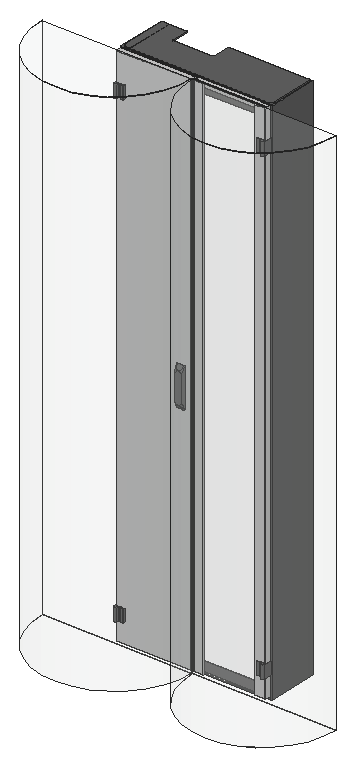
Revit family "Data_Device-Network-Leviton-Distribution_Frame-HDX_F3168-FDR", category Data Devices, host Face, Revit 2025
Family settings
  Host = Face
  Round Connector Dimension = Use Diameter
  Part Type = Normal
  OmniClass Number = 23.85.50.17
  OmniClass Title = Communication and Data Processing Equipment
  Cut with Voids When Loaded = No
  Maintain Annotation Orientation = Yes
  Shared = Yes
  Room Calculation Point = No
Parameters (values of type "F3168-FDR")
  z Door Kit Visible [instance] = Optional Door Kit  # yes
  z Connector Detail Visible [instance] = not(z Door Kit Visible)  # no
  z Collapse [instance] = not(Optional Door Kit)  # no
  Width [instance] = 23.89"  # constant formula
  Weight [instance] = 0.00 lbf
  URL = "http://www.leviton.com/networksolutions"
  UPC Code [instance] = "078477660805"
  Type Comments = ""
  Technical Support Phone Number = "1-800-824-3005"  # constant formula
  Serial Number [instance] = ""
  Provide Feedback = "http://www.leviton.com/BIMfeedback"
  Product Documentation Link = "https://leviton.com/products/f3168-fdr"
  Product Configurator Link = ""
  Port Count [instance] = 0
  Part Number [instance] = "F3168-FDR"  # constant formula
  Part Description = Description  # "HDX Frame Front Door Kit"
  Original Creation Date = "2025"  # constant formula
  Optional Door Kit [instance] = yes
  Model Disclaimer = "https://leviton.com/support/resources/product-support/network-solutions/bim-objects/bim-library"
  Model = "F3168-FDR"  # constant formula
  Manufacturer = "Leviton"  # constant formula
  Height [instance] = 84.1"  # constant formula
  Fiber Type [instance] = ""
  Family Version = "1.0"  # constant formula
  Equipment Type = ""
  Equipment Abbreviation = "HDX"  # constant formula
  Description = "HDX Frame Front Door Kit"  # constant formula
  Depth [instance] = 9.87"  # constant formula
  Default Elevation = 0"
  Date Last Modified = "2025"  # constant formula
  Copyright = "Copyright © 2025 Leviton Manufacturing Co., Inc."  # constant formula
  Check for Latest Version = "https://leviton.com/support/resources/product-support/network-solutions/bim-objects/bim-library"
  Channel Count [instance] = 0
  Assembly Code = "D5030600"
  Annotation Symbol is Visible = yes
Reference planes (in)
  plane 1 "Door Kit Front": y = 6.0725
  plane 2 "Floor": z = 0
  plane 3 "Center (Left/Right)": x = -0.9065
  plane 4: y = -2.95113
  plane 5: x = -12.8515
  plane 6: x = 11.0385
  plane 7: z = 84.1
  plane 8: y = -1.82291
  plane 9: z = 81.93792
Forms (in)
  Extrusion 1, solid, not visible, detail levels fine
    sketch origin (0, 0, 0) x (1, 0, 0) y (0, 1, 0)
      loop
        line (-34.9315, 46.0725) -> (-34.9315, -16.15111) -> (33.4524, -16.15111) -> (33.4524, 46.0725) -> (-34.9315, 46.0725)
    from 0 to -7.88728
  Extrusion 2, solid, material "Steel - Leviton - Powdercoat - Black"
    sketch origin (0, 0, 0) x (1, 0, 0) y (0, 1, 0)
      loop
        line (10.9339, -1.8229) -> (9.53475, -1.8229) -> (9.53475, -1.9275) -> (10.9235, -1.9275)
        arc (10.9235, -1.9275) -> (11.00482, -1.89382) -> (11.0385, -1.8125) r 0.115
        line (11.0385, -1.8125) -> (11.0385, 6.0725) -> (10.9339, 6.0725) -> (10.9339, -1.8229)
      loop
        line (-12.7469, -1.82291) -> (-12.7469, 6.0725) -> (-12.8515, 6.0725) -> (-12.8515, -1.81251)
        arc (-12.8515, -1.81251) -> (-12.81782, -1.89382) -> (-12.7365, -1.92751) r 0.115
        line (-12.7365, -1.92751) -> (-11.3515, -1.92751) -> (-11.3515, -1.82291) -> (-12.7469, -1.82291)
    from 0 to 83.99688
  Extrusion 3, solid, material "Steel - Leviton - Powdercoat - Black"
    sketch origin (0, 0, 84.18) x (-1, 0, 0) y (0, -1, 0)
      loop
        line (-10.3435, -6.0725) -> (1.9565, -6.0725)
        arc (1.9565, -6.0725) -> (2.09792, -6.01392) -> (2.1565, -5.8725) r 0.2
        line (2.1565, -5.8725) -> (2.1565, -3.27271)
        arc (2.1565, -3.27271) -> (2.21508, -3.13129) -> (2.3565, -3.07271) r 0.2
        line (2.3565, -3.07271) -> (8.45613, -3.07241)
        arc (8.45613, -3.07241) -> (8.59778, -3.13116) -> (8.65627, -3.27293) r 0.20014
        line (8.65627, -3.27293) -> (8.65627, -5.8725)
        arc (8.65627, -5.8725) -> (8.71508, -6.01392) -> (8.8565, -6.0725) r 0.2
        line (8.8565, -6.0725) -> (12.15645, -6.0725)
        arc (12.15645, -6.0725) -> (12.50997, -5.92559) -> (12.65641, -5.57207) r 0.49995
        line (12.65641, -5.57207) -> (12.65641, 1.17699)
        arc (12.65641, 1.17699) -> (12.5101, 1.53091) -> (12.15632, 1.67755) r 0.50009
        line (12.15632, 1.67755) -> (-10.3435, 1.67755)
        arc (-10.3435, 1.67755) -> (-10.69705, 1.53091) -> (-10.8435, 1.17735) r 0.5
        line (-10.8435, 1.17735) -> (-10.8435, -5.57232)
        arc (-10.8435, -5.57232) -> (-10.69711, -5.92599) -> (-10.3435, -6.0725) r 0.5
    from -0.08 to -0.18312
  Extrusion 4, solid, material "Plastic - Leviton - Black"
    sketch origin (-1.783, 17.14499, 84.18) x (1, 0, 0) y (0, 1, 0)
      loop
        line (11.36893, -20.07644) -> (11.36893, -20.19455) -> (11.44767, -20.27329) -> (11.82759, -20.27329) -> (11.92011, -20.18077) -> (12.17602, -20.18077) -> (12.28626, -20.291) -> (12.28626, -20.50294)
        arc (12.28626, -20.50294) -> (12.54298, -20.68519) -> (12.75279, -20.45045) r 0.23622
        line (12.75279, -20.45045) -> (12.75279, -19.0725) -> (11.38271, -19.0725) -> (11.38271, -19.11187)
        arc (11.38271, -19.11187) -> (11.42884, -19.22323) -> (11.54019, -19.26935) r 0.15748
        line (11.54019, -19.26935) -> (12.62878, -19.26935) -> (12.62878, -19.95144)
        arc (12.62878, -19.95144) -> (12.59216, -20.03983) -> (12.50378, -20.07644) r 0.125
        line (12.50378, -20.07644) -> (11.36893, -20.07644)
      loop
        line (-9.61515, -20.09612) -> (-10.75, -20.09612)
        arc (-10.75, -20.09612) -> (-10.83838, -20.05951) -> (-10.875, -19.97112) r 0.125
        line (-10.875, -19.97112) -> (-10.875, -19.26935) -> (-9.78641, -19.26935)
        arc (-9.78641, -19.26935) -> (-9.67506, -19.22323) -> (-9.62893, -19.11187) r 0.15748
        line (-9.62893, -19.11187) -> (-9.62893, -19.0725) -> (-10.99901, -19.0725) -> (-10.99901, -20.45045)
        arc (-10.99901, -20.45045) -> (-10.7892, -20.68519) -> (-10.53248, -20.50294) r 0.23622
        line (-10.53248, -20.50294) -> (-10.53248, -20.31069) -> (-10.42224, -20.20045) -> (-10.16633, -20.20045) -> (-10.07382, -20.29297) -> (-9.69389, -20.29297) -> (-9.61515, -20.21423) -> (-9.61515, -20.09612)
    from -4.69181 to -6.65638
  Extrusion 5, solid, material "Plastic - Leviton - Black"
    sketch origin (-1.783, 17.14499, 84.18) x (1, 0, 0) y (0, 1, 0)
      loop
        line (11.36893, -20.07644) -> (11.36893, -20.19455) -> (11.44767, -20.27329) -> (11.82759, -20.27329) -> (11.92011, -20.18077) -> (12.17602, -20.18077) -> (12.28626, -20.291) -> (12.28626, -20.50294)
        arc (12.28626, -20.50294) -> (12.54298, -20.68519) -> (12.75279, -20.45045) r 0.23622
        line (12.75279, -20.45045) -> (12.75279, -19.0725) -> (11.38271, -19.0725) -> (11.38271, -19.11187)
        arc (11.38271, -19.11187) -> (11.42884, -19.22323) -> (11.54019, -19.26935) r 0.15748
        line (11.54019, -19.26935) -> (12.62878, -19.26935) -> (12.62878, -19.95144)
        arc (12.62878, -19.95144) -> (12.59216, -20.03983) -> (12.50378, -20.07644) r 0.125
        line (12.50378, -20.07644) -> (11.36893, -20.07644)
      loop
        line (-9.61515, -20.09612) -> (-10.75, -20.09612)
        arc (-10.75, -20.09612) -> (-10.83838, -20.05951) -> (-10.875, -19.97112) r 0.125
        line (-10.875, -19.97112) -> (-10.875, -19.26935) -> (-9.78641, -19.26935)
        arc (-9.78641, -19.26935) -> (-9.67506, -19.22323) -> (-9.62893, -19.11187) r 0.15748
        line (-9.62893, -19.11187) -> (-9.62893, -19.0725) -> (-10.99901, -19.0725) -> (-10.99901, -20.45045)
        arc (-10.99901, -20.45045) -> (-10.7892, -20.68519) -> (-10.53248, -20.50294) r 0.23622
        line (-10.53248, -20.50294) -> (-10.53248, -20.31069) -> (-10.42224, -20.20045) -> (-10.16633, -20.20045) -> (-10.07382, -20.29297) -> (-9.69389, -20.29297) -> (-9.61515, -20.21423) -> (-9.61515, -20.09612)
    from -78.67606 to -80.64063
  Extrusion 6, solid, material "Steel - Leviton - Powdercoat - Grey"
    sketch origin (-1.813, 17.14499, 84.18) x (1, 0, 0) y (0, 1, 0)
      loop
        line (1.055, -19.29612) -> (-10.845, -19.29612) -> (-10.845, -19.97112)
        arc (-10.845, -19.97112) -> (-10.80838, -20.05951) -> (-10.72, -20.09612) r 0.125
        line (-10.72, -20.09612) -> (0.93, -20.09612)
        arc (0.93, -20.09612) -> (1.01839, -20.05951) -> (1.055, -19.97112) r 0.125
        line (1.055, -19.97112) -> (1.055, -19.29612)
    from -83.69575 to -0.18394
  Blend 7, solid, material "Plastic - Leviton - Black"
    base sketch origin (-1.783, -7.95112, 0) x (0, 0, 1) y (-1, 0, 0)
      loop
        line (36.94518, 0.01133) -> (43.08663, 0.01133)
        arc (43.08663, 0.01133) -> (43.14231, 0.03439) -> (43.16538, 0.09008) r 0.07875
        line (43.16538, 0.09008) -> (43.16538, 1.34993)
        arc (43.16538, 1.34993) -> (43.14232, 1.4056) -> (43.08665, 1.42866) r 0.07872
        line (43.08665, 1.42866) -> (36.94493, 1.42866)
        arc (36.94493, 1.42866) -> (36.88924, 1.40559) -> (36.86618, 1.34991) r 0.07875
        line (36.86618, 1.34991) -> (36.86618, 0.09033)
        arc (36.86618, 0.09033) -> (36.88931, 0.03447) -> (36.94518, 0.01133) r 0.079
    top sketch origin (-1.783, -7.95112, 0) x (0, 0, 1) y (-1, 0, 0)
      loop
        arc (37.9685, 1.23181) -> (37.71072, 1.16215) -> (37.52311, 0.97213) r 0.51181
        arc (37.52311, 0.97213) -> (37.45669, 0.72) -> (37.52311, 0.46786) r 0.51181
        arc (37.52311, 0.46786) -> (37.71072, 0.27784) -> (37.9685, 0.20818) r 0.51181
        line (37.9685, 0.20818) -> (41.98425, 0.20818)
        arc (41.98425, 0.20818) -> (42.24204, 0.27784) -> (42.42965, 0.46786) r 0.51181
        arc (42.42965, 0.46786) -> (42.49606, 0.72) -> (42.42965, 0.97213) r 0.51181
        arc (42.42965, 0.97213) -> (42.24204, 1.16215) -> (41.98425, 1.23181) r 0.51181
        line (41.98425, 1.23181) -> (37.9685, 1.23181)
    from -4.99999 to -4.53543
  Extrusion 8, solid, material "Steel - Leviton - Powdercoat - Grey"
    sketch origin (0, 0, 84.18) x (-1, 0, 0) y (0, -1, 0)
      loop
        line (1.29004, 2.08144) -> (0.66319, 2.08144)
        arc (0.66319, 2.08144) -> (0.62212, 2.09804) -> (0.60504, 2.13892) r 0.05748
        line (0.60504, 2.13892) -> (0.60504, 2.80877)
        arc (0.60504, 2.80877) -> (0.56924, 2.8955) -> (0.48256, 2.93144) r 0.12248
        line (0.48256, 2.93144) -> (-1.01744, 2.93144) -> (-1.01744, 2.86644) -> (0.48256, 2.86644)
        arc (0.48256, 2.86644) -> (0.52321, 2.8496) -> (0.54007, 2.80896) r 0.05748
        line (0.54007, 2.80896) -> (0.54007, 2.13882)
        arc (0.54007, 2.13882) -> (0.57618, 2.05199) -> (0.66321, 2.01638) r 0.12244
        line (0.66321, 2.01638) -> (1.29004, 2.01638) -> (1.29004, 2.08144)
      loop
        line (-10.69496, 2.86644) -> (-9.21744, 2.86644) -> (-9.21744, 2.93144) -> (-10.69496, 2.93144)
        arc (-10.69496, 2.93144) -> (-10.7816, 2.89553) -> (-10.81744, 2.80885) r 0.12248
        line (-10.81744, 2.80885) -> (-10.81744, 2.12436) -> (-10.75244, 2.12436) -> (-10.75244, 2.80896)
        arc (-10.75244, 2.80896) -> (-10.7356, 2.8496) -> (-10.69496, 2.86644) r 0.05748
    from -0.18394 to -83.69575
  Extrusion 9, solid, material "Plastic - Leviton - Clear"
    sketch origin (0, 0, 84.18) x (-1, 0, 0) y (0, -1, 0)
      loop
        line (0.48256, 2.61644) -> (0.48256, 2.86644) -> (-10.71744, 2.86644) -> (-10.71744, 2.61644) -> (0.48256, 2.61644)
    from -0.18394 to -83.69575
  Extrusion 10, solid, material "Steel - Leviton - Powdercoat - Black"
    sketch origin (0, 20.09612, 0) x (0, 0, 1) y (1, 0, 0)
      loop
        line (83.89228, 9.7885) -> (83.99688, 9.7885) -> (83.99688, 10.9339) -> (83.89228, 10.9339) -> (83.89228, 9.7885)
      loop
        line (83.89228, -11.6015) -> (83.89228, -12.7469) -> (83.99688, -12.7469) -> (83.99688, -11.6015) -> (83.89228, -11.6015)
    from -21.91903 to -14.02362
  Extrusion 11, solid, material "Steel - Leviton - Powdercoat - Black"
    sketch origin (0, 20.09612, 0) x (0, 0, 1) y (1, 0, 0)
      loop
        line (83.83688, 10.81744) -> (82.23688, 10.81744) -> (82.23688, 9.4685) -> (81.9348, 9.4685) -> (81.9348, -0.0315) -> (82.23688, -0.0315) -> (82.23688, -1.7815) -> (81.9348, -1.7815) -> (81.9348, -11.2815) -> (82.23688, -11.2815) -> (82.23688, -12.6315) -> (83.83688, -12.6315) -> (83.83688, 10.81744)
      loop
        line (1.67188, -12.6315) -> (1.67188, 10.81744) -> (0.22188, 10.81744) -> (0.22188, -12.6315) -> (1.67188, -12.6315)
    from -21.91903 to -21.81403
  Extrusion 12, solid, material "Steel - Leviton - Powdercoat - Grey"
    sketch origin (-0.9065, 0, 0) x (0, 1, 0) y (0, 0, 1)
      loop
        line (-2.61644, 83.99606) -> (-2.61644, 83.89106) -> (-2.12138, 83.89106) -> (-2.12138, 82.99606) -> (-2.01638, 82.99606) -> (-2.01638, 83.99606) -> (-2.61644, 83.99606)
    from 0.36643 to 11.65894
  Extrusion 13, solid, material "Clearance Areas - Leviton"
    sketch origin (0, 0, 84.18) x (-1, 0, 0) y (0, -1, 0)
      loop
        arc (24.33359, 2.95113) -> (12.54579, 15.09858) -> (0.758, 2.95113) r 11.79312
        line (0.758, 2.95113) -> (24.33359, 2.95113)
      loop
        arc (0.60504, 2.95113) -> (-10.73357, 14.64961) -> (-22.07219, 2.95113) r 11.34415
        line (-22.07219, 2.95113) -> (0.60504, 2.95113)
    from -0.08 to -84.18
Cuts and joins
  joined: Extrusion 2, Extrusion 10
Lines and regions (in)
  Masking region 1, visible <- "z Door Kit Visible"
    outline origin (11.0685, 0, 0) x (0, 0, 1) y (0, -1, 0)
      loop
        line (0, -5.49195) -> (0, -6.0725) -> (84.1, -6.0725) -> (84.1, -5.49195) -> (0, -5.49195)
  symbolic lines, style "Clearance Areas"
    curve 1: line (-0.9065, -2.95113, 84.1) -> (-0.9065, -15.09858, 84.1)
    curve 2: line (-0.9065, -2.95113, 0) -> (-0.9065, -2.95113, 84.1)
    curve 3: line (-0.9065, -15.09858, 0) -> (-0.9065, -2.95113, 0)
    curve 4: line (-0.9065, -15.09858, 84.1) -> (-0.9065, -15.09858, 0)
    curve 5: line (-0.758, -2.95113, 84.18) -> (-24.33359, -2.95113, 84.18)
    curve 6: arc (-24.33359, -2.95113, 84.18) -> (-12.54579, -15.09858, 84.18) -> (-0.758, -2.95113, 84.18) r 11.79312
    curve 7: line (22.07219, -2.95113, 84.18) -> (-0.60504, -2.95113, 84.18)
    curve 8: arc (-0.60504, -2.95113, 84.18) -> (10.73357, -14.64961, 84.18) -> (22.07219, -2.95113, 84.18) r 11.34415
Dimensions and locks (in)
  equal spacing: plane 5, plane 3 "Center (Left/Right)", plane 6
  "Width": plane 5 to plane 6
  "Height": level to plane 7
  locked: plane 4 to plane 1 "Door Kit Front" at 9.02363
  locked: plane 8 to plane 4 at 1.12822
  aligned and locked: Extrusion 1 to plane 2 "Floor"
  aligned and locked: Extrusion 1 to level
Automatic sketch dimensions
  Extrusion 1 sketch curve to Extrusion 1 sketch curve = 68.3839"
  Extrusion 1 sketch curve to Extrusion 1 sketch curve = 62.22361"
  Masking region 1 sketch curve to level = 0"
  Masking region 1 sketch curve to plane 1 "Door Kit Front" = 0"
  plane 7 to Masking region 1 sketch curve = 0"
  plane 1 "Door Kit Front" to Masking region 1 sketch curve = 0.58055"
  Extrusion 2 sketch curve to plane 5 = 0"
  plane 1 "Door Kit Front" to Extrusion 2 sketch curve = 0"  (x2)
  Extrusion 2 sketch curve to plane 8 = 0"
  Extrusion 2 sketch curve to plane 6 = 0"
  plane 5 to Extrusion 2 sketch curve = 0.1046"
  Extrusion 2 sketch curve to Extrusion 2 sketch curve = 0.0104"  (x2)
  Extrusion 2 sketch curve to plane 8 = 0.1046"
  Extrusion 2 sketch curve to Extrusion 2 sketch curve = 1.385"
  plane 8 to Extrusion 2 sketch curve = 0"
  Extrusion 2 sketch curve to plane 6 = 1.50375"
  plane 8 to Extrusion 2 sketch curve = 0.0104"
  Extrusion 2 sketch curve to plane 6 = 0.115"
  plane 1 "Door Kit Front" to Extrusion 3 sketch curve = 0"  (x2)
  Extrusion 3 sketch curve to plane 6 = 0.195"
  Extrusion 3 sketch curve to Extrusion 3 sketch curve = 0.5"  (x3)
  plane 1 "Door Kit Front" to Extrusion 3 sketch curve = 0.2"
  Extrusion 3 sketch curve to plane 3 "Center (Left/Right)" = 1.05"
  Extrusion 3 sketch curve to plane 3 "Center (Left/Right)" = 1.25"
  Extrusion 3 sketch curve to Extrusion 3 sketch curve = 0.2"  (x2)
  plane 1 "Door Kit Front" to Extrusion 3 sketch curve = 2.79994"
  plane 5 to Extrusion 3 sketch curve = 4.39537"
  Extrusion 3 sketch curve to Extrusion 3 sketch curve = 0.20014"
  Extrusion 3 sketch curve to Extrusion 3 sketch curve = 0.20023"
  plane 5 to Extrusion 3 sketch curve = 0.69518"
  plane 5 to Extrusion 3 sketch curve = 0.69505"
  plane 5 to Extrusion 3 sketch curve = 0.19509"
  Extrusion 3 sketch curve to Extrusion 3 sketch curve = 0.00017"
  Extrusion 3 sketch curve to Extrusion 3 sketch curve = 0.50043"
  Extrusion 3 sketch curve to Extrusion 3 sketch curve = 0.00037"
  Extrusion 3 sketch curve to Extrusion 3 sketch curve = 0.2003"
  plane 8 to Extrusion 3 sketch curve = 0.64592"
  plane 8 to Extrusion 3 sketch curve = 0.64555"
  Extrusion 3 sketch curve to Extrusion 3 sketch curve = 0.00048"
  Extrusion 3 sketch curve to Extrusion 3 sketch curve = 0"  (x9)
  Extrusion 3 sketch curve to Extrusion 3 sketch curve = 0.00023"
  Extrusion 4 sketch curve to plane 4 = 0"
  plane 5 to Extrusion 4 sketch curve = 0.06949"
  plane 5 to Extrusion 4 sketch curve = 0.1935"
  Extrusion 4 sketch curve to Extrusion 4 sketch curve = 0.23622"
  Extrusion 4 sketch curve to Extrusion 4 sketch curve = 0.125"  (x2)
  Extrusion 4 sketch curve to plane 4 = 0.21457"
  Extrusion 4 sketch curve to Extrusion 4 sketch curve = 0.23031"  (x2)
  Extrusion 4 sketch curve to plane 4 = 0.10433"
  Extrusion 4 sketch curve to Extrusion 4 sketch curve = 0.11024"  (x3)
  Extrusion 4 sketch curve to Extrusion 4 sketch curve = 0.25591"  (x2)
  Extrusion 4 sketch curve to plane 4 = 0.19685"
  Extrusion 4 sketch curve to Extrusion 4 sketch curve = 0.09252"  (x2)
  Extrusion 4 sketch curve to plane 8 = 0.30145"
  Extrusion 4 sketch curve to Extrusion 4 sketch curve = 0.37992"  (x3)
  Extrusion 4 sketch curve to Extrusion 4 sketch curve = 0.15748"  (x2)
  Extrusion 4 sketch curve to Extrusion 4 sketch curve = 0.07874"  (x3)
  Extrusion 4 sketch curve to plane 4 = 0.09843"
  Extrusion 4 sketch curve to plane 6 = 1.45257"
  Extrusion 4 sketch curve to plane 8 = 0.1046"  (x2)
  Extrusion 4 sketch curve to Extrusion 4 sketch curve = 0.01378"
  Extrusion 4 sketch curve to plane 4 = 0.17717"
  Extrusion 4 sketch curve to plane 4 = 0.08465"
  plane 4 to Extrusion 4 sketch curve = 0.01968"
  Extrusion 4 sketch curve to Extrusion 4 sketch curve = 0.21752"
  Extrusion 4 sketch curve to plane 6 = 0.06871"
  Extrusion 4 sketch curve to plane 4 = 0.35433"
  Extrusion 4 sketch curve to Extrusion 4 sketch curve = 0.13976"
  Extrusion 4 sketch curve to Extrusion 4 sketch curve = 0.19225"
  Extrusion 4 sketch curve to Extrusion 4 sketch curve = 0.05249"
  Extrusion 4 sketch curve to Extrusion 4 sketch curve = 0.19685"
  Extrusion 4 sketch curve to plane 8 = 0.14397"  (x2)
  Extrusion 4 sketch curve to Extrusion 4 sketch curve = 0"  (x4)
  Extrusion 5 sketch curve to plane 4 = 0"
  plane 5 to Extrusion 5 sketch curve = 0.06949"
  plane 5 to Extrusion 5 sketch curve = 0.1935"
  Extrusion 5 sketch curve to Extrusion 5 sketch curve = 0.23622"
  Extrusion 5 sketch curve to Extrusion 5 sketch curve = 0.125"  (x2)
  Extrusion 5 sketch curve to plane 4 = 0.21457"
  Extrusion 5 sketch curve to Extrusion 5 sketch curve = 0.23031"  (x2)
  Extrusion 5 sketch curve to plane 4 = 0.10433"
  Extrusion 5 sketch curve to Extrusion 5 sketch curve = 0.11024"  (x3)
  Extrusion 5 sketch curve to Extrusion 5 sketch curve = 0.25591"  (x2)
  Extrusion 5 sketch curve to plane 4 = 0.19685"
  Extrusion 5 sketch curve to Extrusion 5 sketch curve = 0.09252"  (x2)
  Extrusion 5 sketch curve to plane 8 = 0.30145"
  Extrusion 5 sketch curve to Extrusion 5 sketch curve = 0.37992"  (x3)
  Extrusion 5 sketch curve to Extrusion 5 sketch curve = 0.15748"  (x2)
  Extrusion 5 sketch curve to Extrusion 5 sketch curve = 0.07874"  (x3)
  Extrusion 5 sketch curve to plane 4 = 0.09843"
  Extrusion 5 sketch curve to plane 6 = 1.45257"
  Extrusion 5 sketch curve to plane 8 = 0.1046"  (x2)
  Extrusion 5 sketch curve to Extrusion 5 sketch curve = 0.01378"
  Extrusion 5 sketch curve to plane 4 = 0.17717"
  Extrusion 5 sketch curve to plane 4 = 0.08465"
  plane 4 to Extrusion 5 sketch curve = 0.01968"
  Extrusion 5 sketch curve to Extrusion 5 sketch curve = 0.21752"
  Extrusion 5 sketch curve to plane 6 = 0.06871"
  Extrusion 5 sketch curve to plane 4 = 0.35433"
  Extrusion 5 sketch curve to Extrusion 5 sketch curve = 0.13976"
  Extrusion 5 sketch curve to Extrusion 5 sketch curve = 0.19225"
  Extrusion 5 sketch curve to Extrusion 5 sketch curve = 0.05249"
  Extrusion 5 sketch curve to Extrusion 5 sketch curve = 0.19685"
  Extrusion 5 sketch curve to plane 8 = 0.14397"  (x2)
  Extrusion 5 sketch curve to Extrusion 5 sketch curve = 0"  (x4)
  Extrusion 6 sketch curve to plane 4 = 0"
  plane 5 to Extrusion 6 sketch curve = 0.1935"
  Extrusion 6 sketch curve to Extrusion 6 sketch curve = 0.125"
  plane 3 "Center (Left/Right)" to Extrusion 6 sketch curve = 0.0235"
  plane 4 to Extrusion 6 sketch curve = 0.125"
  Extrusion 6 sketch curve to plane 8 = 0.32822"
  Blend 7 sketch curve to plane 3 "Center (Left/Right)" = 0.96683"
  level to Blend 7 sketch curve = 36.86618"
  Blend 7 sketch curve to Blend 7 sketch curve = 0.07875"
  Blend 7 sketch curve to Blend 7 sketch curve = 0.079"
  Blend 7 sketch curve to Blend 7 sketch curve = 6.14145"
  Blend 7 sketch curve to Blend 7 sketch curve = 0.00003"
  Blend 7 sketch curve to Blend 7 sketch curve = 0.07872"
  Blend 7 sketch curve to Blend 7 sketch curve = 1.25958"
  Blend 7 sketch curve to Blend 7 sketch curve = 0"  (x14)
  Blend 7 sketch curve to plane 3 "Center (Left/Right)" = 1.5965"
  level to Blend 7 sketch curve = 37.9685"
  Blend 7 sketch curve to Blend 7 sketch curve = 4.01575"
  Blend 7 sketch curve to Blend 7 sketch curve = 0.51181"
  Blend 7 sketch curve to Blend 7 sketch curve = 0.4454"  (x2)
  Extrusion 8 sketch curve to Extrusion 8 sketch curve = 0"  (x12)
  Extrusion 8 sketch curve to plane 6 = 0.22106"
  Extrusion 8 sketch curve to Extrusion 8 sketch curve = 0.065"  (x2)
  Extrusion 8 sketch curve to Extrusion 8 sketch curve = 0.05748"  (x2)
  plane 4 to Extrusion 8 sketch curve = 0.08469"
  Extrusion 8 sketch curve to Extrusion 8 sketch curve = 1.47752"
  plane 4 to Extrusion 8 sketch curve = 0.01968"  (x2)
  plane 3 "Center (Left/Right)" to Extrusion 8 sketch curve = 1.92394"
  plane 4 to Extrusion 8 sketch curve = 0.14217"
  plane 3 "Center (Left/Right)" to Extrusion 8 sketch curve = 0.42394"
  plane 3 "Center (Left/Right)" to Extrusion 8 sketch curve = 0.36643"
  Extrusion 8 sketch curve to Extrusion 8 sketch curve = 0.06498"
  Extrusion 8 sketch curve to Extrusion 8 sketch curve = 0.05746"
  Extrusion 8 sketch curve to Extrusion 8 sketch curve = 0.00002"  (x3)
  Extrusion 8 sketch curve to Extrusion 8 sketch curve = 0.00068"
  Extrusion 8 sketch curve to plane 3 "Center (Left/Right)" = 0.38354"
  Extrusion 8 sketch curve to Extrusion 8 sketch curve = 0.05759"
  Extrusion 8 sketch curve to Extrusion 8 sketch curve = 0.00019"
  Extrusion 8 sketch curve to plane 8 = 0.31601"
  Extrusion 8 sketch curve to Extrusion 8 sketch curve = 0.0001"
  Extrusion 8 sketch curve to plane 8 = 0.30145"
  Extrusion 8 sketch curve to Extrusion 8 sketch curve = 0.06506"
  Extrusion 9 sketch curve to plane 6 = 0.32106"
  plane 4 to Extrusion 9 sketch curve = 0.08469"
  plane 3 "Center (Left/Right)" to Extrusion 9 sketch curve = 0.42394"
  Extrusion 9 sketch curve to Extrusion 9 sketch curve = 0.25"
  plane 7 to Extrusion 10 sketch curve = 0.20772"  (x2)
  plane 7 to Extrusion 10 sketch curve = 0.10312"  (x2)
  plane 5 to Extrusion 10 sketch curve = 0.1046"
  Extrusion 10 sketch curve to Extrusion 10 sketch curve = 1.1454"
  Extrusion 10 sketch curve to plane 6 = 1.25"
  Extrusion 10 sketch curve to plane 6 = 0.1046"
  level to Extrusion 11 sketch curve = 0.22188"
  Extrusion 11 sketch curve to plane 6 = 0.22106"  (x2)
  Extrusion 11 sketch curve to Extrusion 11 sketch curve = 1.45"
  plane 9 to Extrusion 11 sketch curve = 0.00312"  (x2)
  Extrusion 11 sketch curve to plane 9 = 0.29896"  (x3)
  plane 7 to Extrusion 11 sketch curve = 0.26312"
  Extrusion 11 sketch curve to Extrusion 11 sketch curve = 1.34894"
  plane 3 "Center (Left/Right)" to Extrusion 11 sketch curve = 0.875"
  Extrusion 11 sketch curve to plane 3 "Center (Left/Right)" = 0.875"
  plane 5 to Extrusion 11 sketch curve = 1.57"
  plane 5 to Extrusion 11 sketch curve = 0.22"  (x2)
  plane 7 to Extrusion 12 sketch curve = 0.10394"
  plane 4 to Extrusion 12 sketch curve = 0.33469"
  Extrusion 12 sketch curve to plane 8 = 0.29847"
  Extrusion 12 sketch curve to Extrusion 12 sketch curve = 0.105"  (x2)
  Extrusion 12 sketch curve to Extrusion 12 sketch curve = 0.895"
  Extrusion 13 sketch curve to plane 6 = 0.30493"
  plane 3 "Center (Left/Right)" to Extrusion 13 sketch curve = 0.1485"
  Extrusion 13 sketch curve to plane 4 = 0"  (x2)
  plane 5 to Extrusion 13 sketch curve = 0.30571"
  Extrusion 13 sketch curve to plane 4 = 0.35433"  (x2)
  plane 6 to Extrusion 13 sketch curve = 11.03369"
  curve 1 to plane 7 = 0"
  curve 3 to level = 0"
  curve 3 to plane 4 = 0"
  curve 4 to plane 4 = 12.14745"
  curve 6 to plane 4 = 0"
  plane 3 "Center (Left/Right)" to curve 5 = 0.1485"
  plane 5 to curve 6 = 0.30571"
  curve 6 to plane 4 = 0.35433"
  plane 4 to curve 7 = 0"
  curve 7 to curve 6 = 0.15295"
  curve 8 to plane 6 = 0.30493"
  curve 8 to plane 4 = 0.35433"
